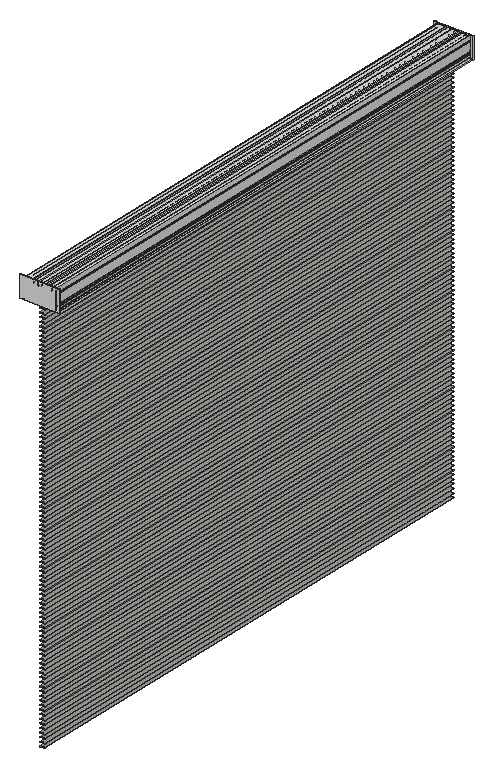
Revit family "BTBC151カーテン・ブラインド（別途）", category 一般モデル, Revit 2022
Family settings
  鉄筋をホスト可能 = いいえ
  丸型コネクタ寸法 = 直径を使用
  パーツ タイプ = 標準
  作業面ベース = はい
  常に垂直 = はい
  ロード時にボイドで切り取り = いいえ
  注釈の向きを維持 = いいえ
  共有 = いいえ
  部屋計算ポイント = いいえ
Parameters
  説明 = "㈱ツヅキ ボックストップ"
  製造元 = "㈱ツヅキ"
  色 = アルミニウム 6063S-T5 シルバー(R) (株)ツヅキ BT
  Default Elevation = 1219.2 mm
  ベネシャンブラインド表示/非表示 = yes
  ベネシャンブラインドスラット角度 = 0.00°
  バーチカルブラインド表示/非表示 = no
  カーテン開口率 = 50
  カーテン表示/非表示 = no
  カーテン・ブラインド長さ = L寸法 - 30 mm  # 2470 mm
  ブラインド スラット角度 = 15.00°
  カーテン・ブラインド高さ = 2021.2 mm
  カーテン・ブラインド 色 = ファブリック
  URL = "https://tuzuki.co.jp/cad/boxtop-cad/"
  L寸法 = 2500 mm
Reference planes
  plane 1 "中心(正面/背面)": y = 0
  plane 2: z = 0
  plane 3 "中心(左/右)": x = 0
  plane 4: y = -2500
  plane 5: x = -60
  plane 6: x = 60
  plane 7: y = -2502
  plane 8: y = 2
  plane 9: y = -2450
  plane 10 "カーテン取付レベル": z = 84.8
  plane 11: z = -1936.4
  plane 12: y = -2485
Forms (mm)
  Extrusion 1, solid, material "アルミニウム 6063S-T5 シルバー(R) (株)ツヅキ BT" <- "色"
    sketch origin (0, 0, 0) x (1, 0, 0) y (0, 0, 1)
      loop
        line (-95, 0) -> (95, 0) -> (95, 104.8) -> (-95, 104.8) -> (-95, 0)
    from 0 to -2
  Extrusion 2, solid, material "アルミニウム 6063S-T5 シルバー(R) (株)ツヅキ BT" <- "色"
    sketch origin (0, -1013.199, 0) x (1, 0, 0) y (0, 0, 1)
      loop
        line (-95, 0) -> (95, 0) -> (95, 104.8) -> (-95, 104.8) -> (-95, 0)
    from 1488.801 to 1486.801
  Extrusion 3, solid, material "アルミニウム 6063S-T5 シルバー(R) (株)ツヅキ BT" <- "色"
    sketch origin (0, 0, 0) x (1, 0, 0) y (0, 0, 1)
      loop
        line (-84.8, 77.529) -> (-84.8, 78.7) -> (-81, 78.7) -> (-80.396, 77.836)
        arc (-80.396, 77.836) -> (-78.977, 78.5) -> (-77.575, 77.8) r 1.8
        line (-77.575, 77.8) -> (-76.6, 77.8) -> (-76.6, 75.6) -> (-77.575, 75.6)
        arc (-77.575, 75.6) -> (-78.977, 74.9) -> (-80.396, 75.564) r 1.8
        arc (-80.396, 75.564) -> (-80.774, 75.669) -> (-81, 75.349) r 0.34
        line (-81, 75.349) -> (-81, 74.202)
        arc (-81, 74.202) -> (-79.217, 73.507) -> (-77.357, 73.954) r 3.2
        arc (-77.357, 73.954) -> (-76.853, 73.96) -> (-76.6, 73.525) r 0.5
        line (-76.6, 73.525) -> (-76.6, 26.175)
        arc (-76.6, 26.175) -> (-76.853, 25.74) -> (-77.357, 25.746) r 0.5
        arc (-77.357, 25.746) -> (-78.197, 26.097) -> (-79.101, 26.198) r 3.2
        arc (-79.101, 26.198) -> (-79.459, 26.334) -> (-79.617, 26.682) r 0.5
        line (-79.617, 26.682) -> (-79.815, 33) -> (-81, 33) -> (-81, 24.351)
        arc (-81, 24.351) -> (-80.774, 24.031) -> (-80.396, 24.136) r 0.34
        arc (-80.396, 24.136) -> (-78.977, 24.8) -> (-77.575, 24.1) r 1.8
        line (-77.575, 24.1) -> (-76.6, 24.1) -> (-76.6, 21.9) -> (-77.575, 21.9)
        arc (-77.575, 21.9) -> (-78.977, 21.2) -> (-80.396, 21.864) r 1.8
        arc (-80.396, 21.864) -> (-80.774, 21.969) -> (-81, 21.649) r 0.34
        line (-81, 21.649) -> (-81, 20.502)
        arc (-81, 20.502) -> (-79.115, 19.802) -> (-77.184, 20.365) r 3.2
        arc (-77.184, 20.365) -> (-76.668, 20.396) -> (-76.4, 19.954) r 0.5
        line (-76.4, 19.954) -> (-76.4, 5) -> (-77.5, 5)
        arc (-77.5, 5) -> (-77.887, 4.816) -> (-77.99, 4.4) r 0.5
        arc (-77.99, 4.4) -> (-77.887, 3.984) -> (-77.5, 3.8) r 0.5
        line (-77.5, 3.8) -> (-76.4, 3.8) -> (-76.4, 1.4) -> (-93.7, 1.4) -> (-93.7, 3.8) -> (-92.5, 3.8)
        arc (-92.5, 3.8) -> (-92.113, 3.984) -> (-92.01, 4.4) r 0.5
        arc (-92.01, 4.4) -> (-92.113, 4.816) -> (-92.5, 5) r 0.5
        line (-92.5, 5) -> (-95, 5) -> (-95, 0) -> (-85.214, 0) -> (-75, 0) -> (-75, 20.4) -> (-74.197, 20.4) -> (-72.4, 18.603) -> (-72.4, 15.6) -> (-73.334, 15.6) -> (-71.2, 13.741) -> (-71.2, 19.1) -> (-73.7, 21.6) -> (-75, 21.6) -> (-75, 96.4)
        arc (-75, 96.4) -> (-74.414, 97.814) -> (-73, 98.4) r 2
        line (-73, 98.4) -> (-30, 98.4) -> (-30, 86.4) -> (-24.35, 86.4) -> (-24.35, 87.7) -> (-28.7, 87.7) -> (-28.7, 98.4) -> (-10, 98.4) -> (-10, 87.7) -> (-16.65, 87.7) -> (-16.65, 86.4) -> (-4.35, 86.4) -> (-4.35, 87.7) -> (-8.7, 87.7) -> (-8.7, 98.4) -> (7.7, 98.4) -> (7.7, 87.7) -> (3.35, 87.7) -> (3.35, 86.4) -> (16, 86.4) -> (16, 87.7) -> (9, 87.7) -> (9, 98.4) -> (40, 98.4) -> (40, 87.7) -> (33, 87.7) -> (33, 86.4) -> (45.65, 86.4) -> (45.65, 87.7) -> (41.3, 87.7) -> (41.3, 98.4) -> (57.7, 98.4) -> (57.7, 87.7) -> (53.35, 87.7) -> (53.35, 86.4) -> (59, 86.4) -> (59, 98.4) -> (73, 98.4)
        arc (73, 98.4) -> (74.414, 97.814) -> (75, 96.4) r 2
        line (75, 96.4) -> (75, 21.6) -> (73.7, 21.6) -> (71.2, 19.1) -> (71.2, 13.741) -> (73.334, 15.6) -> (72.4, 15.6) -> (72.4, 18.603) -> (74.197, 20.4) -> (75, 20.4) -> (75, 0) -> (84.801, 0) -> (95, 0) -> (95, 5) -> (92.5, 5)
        arc (92.5, 5) -> (92.113, 4.816) -> (92.01, 4.4) r 0.5
        arc (92.01, 4.4) -> (92.113, 3.984) -> (92.5, 3.8) r 0.5
        line (92.5, 3.8) -> (93.7, 3.8) -> (93.7, 1.4) -> (76.4, 1.4) -> (76.4, 3.8) -> (77.5, 3.8)
        arc (77.5, 3.8) -> (77.887, 3.984) -> (77.99, 4.4) r 0.5
        arc (77.99, 4.4) -> (77.887, 4.816) -> (77.5, 5) r 0.5
        line (77.5, 5) -> (76.4, 5) -> (76.4, 19.954)
        arc (76.4, 19.954) -> (76.668, 20.396) -> (77.184, 20.365) r 0.5
        arc (77.184, 20.365) -> (77.52, 20.163) -> (77.879, 20.003) r 3.2
        line (77.879, 20.003) -> (78.689, 19.7) -> (81, 19.7) -> (81, 21.649)
        arc (81, 21.649) -> (80.774, 21.969) -> (80.396, 21.864) r 0.34
        arc (80.396, 21.864) -> (78.977, 21.2) -> (77.575, 21.9) r 1.8
        line (77.575, 21.9) -> (76.6, 21.9) -> (76.6, 24.1) -> (77.575, 24.1)
        arc (77.575, 24.1) -> (78.977, 24.8) -> (80.396, 24.136) r 1.8
        arc (80.396, 24.136) -> (80.774, 24.031) -> (81, 24.351) r 0.34
        line (81, 24.351) -> (81, 33) -> (79.815, 33) -> (79.617, 26.682)
        arc (79.617, 26.682) -> (79.459, 26.334) -> (79.101, 26.198) r 0.5
        arc (79.101, 26.198) -> (78.197, 26.097) -> (77.357, 25.746) r 3.2
        arc (77.357, 25.746) -> (76.853, 25.74) -> (76.6, 26.175) r 0.5
        line (76.6, 26.175) -> (76.6, 73.525)
        arc (76.6, 73.525) -> (76.853, 73.96) -> (77.357, 73.954) r 0.5
        arc (77.357, 73.954) -> (79.217, 73.507) -> (81, 74.202) r 3.2
        line (81, 74.202) -> (81, 75.349)
        arc (81, 75.349) -> (80.774, 75.669) -> (80.396, 75.564) r 0.34
        arc (80.396, 75.564) -> (78.977, 74.9) -> (77.575, 75.6) r 1.8
        line (77.575, 75.6) -> (76.6, 75.6) -> (76.6, 77.8) -> (77.575, 77.8)
        arc (77.575, 77.8) -> (78.977, 78.5) -> (80.396, 77.836) r 1.8
        arc (80.396, 77.836) -> (80.774, 77.731) -> (81, 78.051) r 0.34
        line (81, 78.051) -> (81, 79.198)
        arc (81, 79.198) -> (79.217, 79.893) -> (77.357, 79.446) r 3.2
        arc (77.357, 79.446) -> (76.853, 79.44) -> (76.6, 79.875) r 0.5
        line (76.6, 79.875) -> (76.6, 98)
        arc (76.6, 98) -> (76.014, 99.414) -> (74.6, 100) r 2
        line (74.6, 100) -> (33, 100) -> (33, 104.8) -> (27, 104.8) -> (27, 103.5) -> (31.7, 103.5) -> (31.7, 100) -> (-31.7, 100) -> (-31.7, 103.5) -> (-27, 103.5) -> (-27, 104.8) -> (-33, 104.8) -> (-33, 100) -> (-74.6, 100)
        arc (-74.6, 100) -> (-76.014, 99.414) -> (-76.6, 98) r 2
        line (-76.6, 98) -> (-76.6, 79.875)
        arc (-76.6, 79.875) -> (-76.853, 79.44) -> (-77.357, 79.446) r 0.5
        arc (-77.357, 79.446) -> (-78.148, 79.784) -> (-79, 79.9) r 3.2
        line (-79, 79.9) -> (-86.4, 79.9)
        arc (-86.4, 79.9) -> (-86.975, 79.472) -> (-86.73, 78.799) r 0.6
        line (-86.73, 78.799) -> (-84.8, 77.529)
    from 0 to 2500
Dimensions and locks
  equal spacing: plane 6, plane 3 "中心(左/右)", plane 5
  plane 6 to plane 5 = 120 mm
  "L寸法": plane 4 to plane 1 "中心(正面/背面)"  (x2)
  locked: plane 4 to plane 7 at 2
  locked: plane 1 "中心(正面/背面)" to plane 8 at 2
  locked: plane 4 to plane 9 at 50
  "カーテン・ブラインド高さ": plane 10 "カーテン取付レベル" to plane 11
  locked: plane 4 to plane 12 at 15
  aligned and locked: level to plane 2
  aligned and locked: Extrusion 2 to plane 4
  aligned and locked: plane 1 "中心(正面/背面)" to Extrusion 1
  aligned and locked: plane 8 to Extrusion 1
  aligned and locked: plane 7 to Extrusion 2
  aligned and locked: nested 1 to plane 3 "中心(左/右)"
  aligned and locked: plane 10 "カーテン取付レベル" to nested 1
  aligned and locked: nested 1 to plane 9
  aligned and locked: plane 12 to nested 2
  aligned and locked: plane 10 "カーテン取付レベル" to nested 2
  aligned and locked: plane 11 to nested 2
  aligned and locked: nested 2 to plane 3 "中心(左/右)"
  aligned and locked: plane 10 "カーテン取付レベル" to nested 3
  aligned and locked: nested 3 to plane 12
  aligned and locked: Extrusion 3 to plane 1 "中心(正面/背面)"
  aligned and locked: plane 4 to Extrusion 3
Automatic sketch dimensions
  Extrusion 1 sketch curve to level = 0 mm
  Extrusion 1 sketch curve to plane 5 = 35 mm
  plane 6 to Extrusion 1 sketch curve = 35 mm
  level to Extrusion 1 sketch curve = 104.8 mm
  Extrusion 2 sketch curve to level = 0 mm
  Extrusion 2 sketch curve to plane 5 = 35 mm
  plane 6 to Extrusion 2 sketch curve = 35 mm
  level to Extrusion 2 sketch curve = 104.8 mm
  Extrusion 3 sketch curve to Extrusion 3 sketch curve = 0 mm  (x41)
  Extrusion 3 sketch curve to level = 0 mm  (x2)
  Extrusion 3 sketch curve to plane 5 = 35 mm
  Extrusion 3 sketch curve to Extrusion 3 sketch curve = 1.3 mm  (x16)
  Extrusion 3 sketch curve to Extrusion 3 sketch curve = 1.2 mm  (x7)
  Extrusion 3 sketch curve to plane 10 "カーテン取付レベル" = 6.001 mm
  Extrusion 3 sketch curve to plane 5 = 26.73 mm
  Extrusion 3 sketch curve to Extrusion 3 sketch curve = 0.33 mm
  Extrusion 3 sketch curve to Extrusion 3 sketch curve = 7.286 mm
  Extrusion 3 sketch curve to Extrusion 3 sketch curve = 1.6 mm  (x6)
  Extrusion 3 sketch curve to Extrusion 3 sketch curve = 11.5 mm
  Extrusion 3 sketch curve to Extrusion 3 sketch curve = 3.8 mm
  Extrusion 3 sketch curve to plane 10 "カーテン取付レベル" = 6.1 mm
  Extrusion 3 sketch curve to Extrusion 3 sketch curve = 0.34 mm  (x7)
  Extrusion 3 sketch curve to plane 10 "カーテン取付レベル" = 6.964 mm
  Extrusion 3 sketch curve to Extrusion 3 sketch curve = 0.604 mm
  Extrusion 3 sketch curve to Extrusion 3 sketch curve = 1.185 mm
  Extrusion 3 sketch curve to Extrusion 3 sketch curve = 1.043 mm
  Extrusion 3 sketch curve to Extrusion 3 sketch curve = 0.5 mm  (x12)
  Extrusion 3 sketch curve to Extrusion 3 sketch curve = 2 mm  (x3)
  Extrusion 3 sketch curve to Extrusion 3 sketch curve = 1.66 mm  (x5)
  Extrusion 3 sketch curve to Extrusion 3 sketch curve = 1.425 mm  (x6)
  Extrusion 3 sketch curve to Extrusion 3 sketch curve = 7.714 mm
  Extrusion 3 sketch curve to Extrusion 3 sketch curve = 2.017 mm  (x2)
  Extrusion 3 sketch curve to Extrusion 3 sketch curve = 0.475 mm
  Extrusion 3 sketch curve to Extrusion 3 sketch curve = 1.9 mm
  Extrusion 3 sketch curve to Extrusion 3 sketch curve = 0.675 mm
  Extrusion 3 sketch curve to Extrusion 3 sketch curve = 0.975 mm  (x6)
  Extrusion 3 sketch curve to plane 5 = 16.6 mm
  Extrusion 3 sketch curve to Extrusion 3 sketch curve = 1.1 mm  (x8)
  Extrusion 3 sketch curve to Extrusion 3 sketch curve = 1.4 mm  (x3)
  Extrusion 3 sketch curve to Extrusion 3 sketch curve = 0.4 mm
  Extrusion 3 sketch curve to Extrusion 3 sketch curve = 0.803 mm  (x2)
  Extrusion 3 sketch curve to Extrusion 3 sketch curve = 0.497 mm  (x4)
  Extrusion 3 sketch curve to Extrusion 3 sketch curve = 0.863 mm
  Extrusion 3 sketch curve to Extrusion 3 sketch curve = 0.934 mm  (x2)
  plane 5 to Extrusion 3 sketch curve = 27 mm
  Extrusion 3 sketch curve to Extrusion 3 sketch curve = 1.7 mm
  Extrusion 3 sketch curve to Extrusion 3 sketch curve = 4.7 mm  (x2)
  plane 10 "カーテン取付レベル" to Extrusion 3 sketch curve = 1.6 mm  (x4)
  Extrusion 3 sketch curve to Extrusion 3 sketch curve = 4.35 mm  (x2)
  Extrusion 3 sketch curve to Extrusion 3 sketch curve = 7.7 mm
  Extrusion 3 sketch curve to plane 3 "中心(左/右)" = 10 mm
  Extrusion 3 sketch curve to plane 3 "中心(左/右)" = 4.35 mm
  plane 3 "中心(左/右)" to Extrusion 3 sketch curve = 3.35 mm
  plane 3 "中心(左/右)" to Extrusion 3 sketch curve = 7.7 mm
  Extrusion 3 sketch curve to Extrusion 3 sketch curve = 7 mm  (x2)
  Extrusion 3 sketch curve to Extrusion 3 sketch curve = 18 mm
  plane 10 "カーテン取付レベル" to Extrusion 3 sketch curve = 2.9 mm  (x4)
  Extrusion 3 sketch curve to plane 6 = 6.65 mm
  Extrusion 3 sketch curve to plane 6 = 2.3 mm
  Extrusion 3 sketch curve to plane 6 = 1 mm
  plane 6 to Extrusion 3 sketch curve = 11.2 mm
  plane 6 to Extrusion 3 sketch curve = 13 mm
  Extrusion 3 sketch curve to Extrusion 3 sketch curve = 0.199 mm
  level to Extrusion 3 sketch curve = 5 mm
  Extrusion 3 sketch curve to Extrusion 3 sketch curve = 15 mm
  level to Extrusion 3 sketch curve = 1.4 mm  (x2)
  Extrusion 3 sketch curve to Extrusion 3 sketch curve = 2.4 mm  (x3)
  Extrusion 3 sketch curve to Extrusion 3 sketch curve = 0.2 mm  (x4)
  Extrusion 3 sketch curve to Extrusion 3 sketch curve = 8.741 mm
  Extrusion 3 sketch curve to Extrusion 3 sketch curve = 1.859 mm  (x2)
  Extrusion 3 sketch curve to Extrusion 3 sketch curve = 3.003 mm  (x2)
  Extrusion 3 sketch curve to Extrusion 3 sketch curve = 4.1 mm
  Extrusion 3 sketch curve to Extrusion 3 sketch curve = 0.254 mm
  Extrusion 3 sketch curve to Extrusion 3 sketch curve = 1.351 mm  (x4)
  Extrusion 3 sketch curve to Extrusion 3 sketch curve = 0.446 mm  (x2)
  Extrusion 3 sketch curve to Extrusion 3 sketch curve = 0.548 mm
  Extrusion 3 sketch curve to Extrusion 3 sketch curve = 1.147 mm  (x4)
  Extrusion 3 sketch curve to Extrusion 3 sketch curve = 1.949 mm
  Extrusion 3 sketch curve to Extrusion 3 sketch curve = 0.3 mm  (x2)
  Extrusion 3 sketch curve to Extrusion 3 sketch curve = 2.2 mm  (x2)
  Extrusion 3 sketch curve to Extrusion 3 sketch curve = 2.075 mm  (x6)
  Extrusion 3 sketch curve to Extrusion 3 sketch curve = 0.937 mm  (x2)
  Extrusion 3 sketch curve to Extrusion 3 sketch curve = 0.016 mm  (x2)
  Extrusion 3 sketch curve to Extrusion 3 sketch curve = 6.318 mm  (x2)
  Extrusion 3 sketch curve to Extrusion 3 sketch curve = 4.311 mm
  Extrusion 3 sketch curve to plane 10 "カーテン取付レベル" = 11.275 mm
  Extrusion 3 sketch curve to Extrusion 3 sketch curve = 3.634 mm
  Extrusion 3 sketch curve to Extrusion 3 sketch curve = 0.677 mm
  Extrusion 3 sketch curve to Extrusion 3 sketch curve = 1.171 mm
  Extrusion 3 sketch curve to Extrusion 3 sketch curve = 0.501 mm
  plane 10 "カーテン取付レベル" to Extrusion 3 sketch curve = 11.6 mm  (x2)
  Extrusion 3 sketch curve to Extrusion 3 sketch curve = 10.7 mm
  Extrusion 3 sketch curve to Extrusion 3 sketch curve = 3.5 mm  (x2)
  Extrusion 3 sketch curve to Extrusion 3 sketch curve = 0.695 mm
  Extrusion 3 sketch curve to Extrusion 3 sketch curve = 0.81 mm
  Extrusion 3 sketch curve to Extrusion 3 sketch curve = 6.811 mm
  Extrusion 3 sketch curve to Extrusion 3 sketch curve = 10.6 mm
  Extrusion 3 sketch curve to Extrusion 3 sketch curve = 0.49 mm  (x2)
Nested families
  nested 1: "バーチカルブラインド（別途）" at (0, -2450, 84.8) x (-1, 0, 0) z (0, 0, -1), type "バーチカルブラインド（別途）"
    with 表示・非表示 no, ブラインド長さ 2470 mm, スラット高さ 2021.2 mm, スラット枚数 25
  nested 2: "カーテン（別途）" at (0, -2485, 84.8) x (0, 1, 0) z (0, 0, 1), type "カーテン（別途）"
    with 開口率 調整 50, 開口率 50, 長さ 2470 mm, カーテン高さ 2021.2 mm, カーテン表示 no, カーテン畳み代 1235 mm, カーテン幅 100 mm
  nested 3: "ベネシャンブラインド（別途）" at (0, -15, 84.8) x (-1, 0, 0) z (0, 0, 1), visible <- "ベネシャンブラインド表示/非表示", type "ベネシャンブラインド（別途）"
    with ブラインド高さ 2021.2 mm, ブラインド長さ 2470 mm, スラット角度 0.00°, スラット枚数 99
Definition of nested family "ベネシャンブラインド（別途）"
  Parameters (values of type "ベネシャンブラインド（別途）")
    スラットピッチ = 20 mm
    表示非表示 = yes
    ブラインド高さ = 2000 mm
    ブラインド長さ = 1200 mm
    スラット角度 = 60.00°
    Default Elevation = 0 mm
    スラット色 = none
    スラット枚数 = (ブラインド高さ - 50 mm) / スラットピッチ  # 98
  Reference planes
    plane 1 "中心(正面/背面)": y = 0
    plane 2: z = 0
    plane 3 "中心(左/右)": x = 0
    plane 4: y = 1200
    plane 5: z = -44.577
    plane 6: z = -64.577
    plane 7: z = -84.577
    plane 8: z = -104.577
    plane 9: z = -124.577
    plane 10: z = -144.577
    plane 11: z = -164.577
    plane 12: z = -184.577
    plane 13: z = -204.577
    plane 14: z = -224.577
    plane 15: z = -244.577
    plane 16: z = -264.577
    plane 17: z = -284.577
    plane 18: z = -304.577
    plane 19: z = -324.577
    plane 20: z = -344.577
    plane 21: z = -364.577
    plane 22: z = -384.577
    plane 23: z = -404.577
    plane 24: z = -424.577
    plane 25: z = -444.577
    plane 26: z = -464.577
    plane 27: z = -484.577
    plane 28: z = -504.577
    plane 29: z = -524.577
    plane 30: z = -544.577
    plane 31: z = -564.577
    plane 32: z = -584.577
    plane 33: z = -604.577
    plane 34: z = -624.577
    plane 35: z = -644.577
    plane 36: z = -664.577
    plane 37: z = -684.577
    plane 38: z = -704.577
    plane 39: z = -724.577
    plane 40: z = -744.577
    plane 41: z = -764.577
    plane 42: z = -784.577
    plane 43: z = -804.577
    plane 44: z = -824.577
    plane 45: z = -844.577
    plane 46: z = -864.577
    plane 47: z = -884.577
    plane 48: z = -904.577
    plane 49: z = -924.577
    plane 50: z = -944.577
    plane 51: z = -964.577
    plane 52: z = -984.577
    plane 53: z = -1004.577
    plane 54: z = -1024.577
    plane 55: z = -1044.577
    plane 56: z = -1064.577
    plane 57: z = -1084.577
    plane 58: z = -1104.577
    plane 59: z = -1124.577
    plane 60: z = -1144.577
    plane 61: z = -1164.577
    plane 62: z = -1184.577
    plane 63: z = -1204.577
    plane 64: z = -1224.577
    plane 65: z = -1244.577
    plane 66: z = -1264.577
    plane 67: z = -1284.577
    plane 68: z = -1304.577
    plane 69: z = -1324.577
    plane 70: z = -1344.577
    plane 71: z = -1364.577
    plane 72: z = -1384.577
    plane 73: z = -1404.577
    plane 74: z = -1424.577
    plane 75: z = -1444.577
    plane 76: z = -1464.577
    plane 77: z = -1484.577
    plane 78: z = -1504.577
    plane 79: z = -1524.577
    plane 80: z = -1544.577
    plane 81: z = -1564.577
    plane 82: z = -1584.577
    plane 83: z = -1604.577
    plane 84: z = -1624.577
    plane 85: z = -1644.577
    plane 86: z = -1664.577
    plane 87: z = -1684.577
    plane 88: z = -1704.577
    plane 89: z = -1724.577
    plane 90: z = -1744.577
    plane 91: z = -1764.577
    plane 92: z = -1784.577
    plane 93: z = -1804.577
    plane 94: z = -1824.577
    plane 95: z = -1844.577
    plane 96: z = -1864.577
    plane 97: z = -1884.577
    plane 98: z = -1904.577
    plane 99: z = -1924.577
    plane 100: z = -1944.577
    plane 101: z = -1964.577
    plane 102: z = -1984.577
  Forms (mm)
    Extrusion 1, solid, material <- "スラット色", visible <- "表示非表示"
      sketch origin (0, 0, 0) x (1, 0, 0) y (0, 0, 1)
        loop
          line (-27, 0) -> (-27, -37) -> (27, -37) -> (27, 0) -> (-27, 0)
      from -1200 to 0
  Dimensions and locks
    equal spacing: group 1, group 2, group 3, group 4, group 5, group 6, group 7, group 8, group 9, group 10, group 11, group 12, group 13, group 14, group 15, group 16, group 17, group 18, group 19, group 20, group 21, group 22, group 23, group 24, group 25, group 26, group 27, group 28, group 29, group 30, group 31, group 32, group 33, group 34, group 35, group 36, group 37, group 38, group 39, group 40, group 41, group 42, group 43, group 44, group 45, group 46, group 47, group 48, group 49, group 50, group 51, group 52, group 53, group 54, group 55, group 56, group 57, group 58, group 59, group 60, group 61, group 62, group 63, group 64, group 65, group 66, group 67, group 68, group 69, group 70, group 71, group 72, group 73, group 74, group 75, group 76, group 77, group 78, group 79, group 80, group 81, group 82, group 83, group 84, group 85, group 86, group 87, group 88, group 89, group 90, group 91, group 92, group 93, group 94, group 95, group 96, group 97, group 98  (x2)
    equal spacing: group 98, group 97, group 96, group 95, group 94, group 93, group 92, group 91, group 90, group 89, group 88, group 87, group 86, group 85, group 84, group 83, group 82, group 81, group 80, group 79, group 78, group 77, group 76, group 75, group 74, group 73, group 72, group 71, group 70, group 69, group 68, group 67, group 66, group 65, group 64, group 63, group 62, group 61, group 60, group 59, group 58, group 57, group 56, group 55, group 54, group 53, group 52, group 51, group 50, group 49, group 48, group 47, group 46, group 45, group 44, group 43, group 42, group 41, group 40, group 39, group 38, group 37, group 36, group 35, group 34, group 33, group 32, group 31, group 30, group 29, group 28, group 27, group 26, group 25, group 24, group 23, group 22, group 21, group 20, group 19, group 18, group 17, group 16, group 15, group 14, group 13, group 12, group 11, group 10, group 9, group 8, group 7, group 6, group 5, group 4, group 3, group 2, group 1
    "ブラインド長さ": plane 1 "中心(正面/背面)" to plane 4
    "スラットピッチ": plane 5 to plane 6
    aligned and locked: level to plane 2
    aligned and locked: nested 1 to plane 4
    aligned and locked: nested 1 to Extrusion 1
    aligned and locked: plane 1 "中心(正面/背面)" to Extrusion 1
    aligned and locked: Extrusion 1 to plane 1 "中心(正面/背面)"
    aligned and locked: Extrusion 1 to plane 4
    aligned and locked: nested 1 to plane 5
    aligned and locked: nested 2 to plane 6
    aligned and locked: nested 3 to plane 7
    aligned and locked: nested 4 to plane 8
    aligned and locked: nested 5 to plane 9
    aligned and locked: nested 6 to plane 10
    aligned and locked: nested 7 to plane 11
    aligned and locked: nested 8 to plane 12
    aligned and locked: nested 9 to plane 13
    aligned and locked: nested 10 to plane 14
    aligned and locked: nested 11 to plane 15
    aligned and locked: nested 12 to plane 16
    aligned and locked: nested 13 to plane 17
    aligned and locked: nested 14 to plane 18
    aligned and locked: nested 15 to plane 19
    aligned and locked: nested 16 to plane 20
    aligned and locked: nested 17 to plane 21
    aligned and locked: nested 18 to plane 22
    aligned and locked: nested 19 to plane 23
    aligned and locked: nested 20 to plane 24
    aligned and locked: nested 21 to plane 25
    aligned and locked: nested 22 to plane 26
    aligned and locked: nested 23 to plane 27
    aligned and locked: nested 24 to plane 28
    aligned and locked: nested 25 to plane 29
    aligned and locked: nested 26 to plane 30
    aligned and locked: nested 27 to plane 31
    aligned and locked: nested 28 to plane 32
    aligned and locked: nested 29 to plane 33
    aligned and locked: nested 30 to plane 34
    aligned and locked: nested 31 to plane 35
    aligned and locked: nested 32 to plane 36
    aligned and locked: nested 33 to plane 37
    aligned and locked: nested 34 to plane 38
    aligned and locked: nested 35 to plane 39
    aligned and locked: nested 36 to plane 40
    aligned and locked: nested 37 to plane 41
    aligned and locked: nested 38 to plane 42
    aligned and locked: nested 39 to plane 43
    aligned and locked: nested 40 to plane 44
    aligned and locked: nested 41 to plane 45
    aligned and locked: nested 42 to plane 46
    aligned and locked: nested 43 to plane 47
    aligned and locked: nested 44 to plane 48
    aligned and locked: nested 45 to plane 49
    aligned and locked: nested 46 to plane 50
    aligned and locked: nested 47 to plane 51
    aligned and locked: nested 48 to plane 52
    aligned and locked: nested 49 to plane 53
    aligned and locked: nested 50 to plane 54
    aligned and locked: nested 51 to plane 55
    aligned and locked: nested 52 to plane 56
    aligned and locked: nested 53 to plane 57
    aligned and locked: nested 54 to plane 58
    aligned and locked: nested 55 to plane 59
    aligned and locked: nested 56 to plane 60
    aligned and locked: nested 57 to plane 61
    aligned and locked: nested 58 to plane 62
    aligned and locked: nested 59 to plane 63
    aligned and locked: nested 60 to plane 64
    aligned and locked: nested 61 to plane 65
    aligned and locked: nested 62 to plane 66
    aligned and locked: nested 63 to plane 67
    aligned and locked: nested 64 to plane 68
    aligned and locked: nested 65 to plane 69
    aligned and locked: nested 66 to plane 70
    aligned and locked: nested 67 to plane 71
    aligned and locked: nested 68 to plane 72
    aligned and locked: nested 69 to plane 73
    aligned and locked: nested 70 to plane 74
    aligned and locked: nested 71 to plane 75
    aligned and locked: nested 72 to plane 76
    aligned and locked: nested 73 to plane 77
    aligned and locked: nested 74 to plane 78
    aligned and locked: nested 75 to plane 79
    aligned and locked: nested 76 to plane 80
    aligned and locked: nested 77 to plane 81
    aligned and locked: nested 78 to plane 82
    aligned and locked: nested 79 to plane 83
    aligned and locked: nested 80 to plane 84
    aligned and locked: nested 81 to plane 85
    aligned and locked: nested 82 to plane 86
    aligned and locked: nested 83 to plane 87
    aligned and locked: nested 84 to plane 88
    aligned and locked: nested 85 to plane 89
    aligned and locked: nested 86 to plane 90
    aligned and locked: nested 87 to plane 91
    aligned and locked: nested 88 to plane 92
    aligned and locked: nested 89 to plane 93
    aligned and locked: nested 90 to plane 94
    aligned and locked: nested 91 to plane 95
    aligned and locked: nested 92 to plane 96
    aligned and locked: nested 93 to plane 97
    aligned and locked: nested 94 to plane 98
    aligned and locked: nested 95 to plane 99
    aligned and locked: nested 96 to plane 100
    aligned and locked: nested 97 to plane 101
    aligned and locked: nested 98 to plane 102
  Automatic sketch dimensions
    Extrusion 1 sketch curve to level = 0 mm
    Extrusion 1 sketch curve to plane 3 "中心(左/右)" = 27 mm
    plane 3 "中心(左/右)" to Extrusion 1 sketch curve = 27 mm
    Extrusion 1 sketch curve to level = 37 mm
  Nested families
    nested 1: "スラットB" at (0, 0, -55.414), visible <- "表示非表示", type "スラットB"
      with 角度 60.00°, スラット長さ 1200 mm
    nested 2: "スラットB" at (0, 0, -75.414), visible <- "表示非表示", type "スラットB"
      with 角度 60.00°, スラット長さ 1200 mm
    nested 3: "スラットB" at (0, 0, -95.414), visible <- "表示非表示", type "スラットB"
      with 角度 60.00°, スラット長さ 1200 mm
    nested 4: "スラットB" at (0, 0, -115.414), visible <- "表示非表示", type "スラットB"
      with 角度 60.00°, スラット長さ 1200 mm
    nested 5: "スラットB" at (0, 0, -135.414), visible <- "表示非表示", type "スラットB"
      with 角度 60.00°, スラット長さ 1200 mm
    nested 6: "スラットB" at (0, 0, -155.414), visible <- "表示非表示", type "スラットB"
      with 角度 60.00°, スラット長さ 1200 mm
    nested 7: "スラットB" at (0, 0, -175.414), visible <- "表示非表示", type "スラットB"
      with 角度 60.00°, スラット長さ 1200 mm
    nested 8: "スラットB" at (0, 0, -195.414), visible <- "表示非表示", type "スラットB"
      with 角度 60.00°, スラット長さ 1200 mm
    nested 9: "スラットB" at (0, 0, -215.414), visible <- "表示非表示", type "スラットB"
      with 角度 60.00°, スラット長さ 1200 mm
    nested 10: "スラットB" at (0, 0, -235.414), visible <- "表示非表示", type "スラットB"
      with 角度 60.00°, スラット長さ 1200 mm
    nested 11: "スラットB" at (0, 0, -255.414), visible <- "表示非表示", type "スラットB"
      with 角度 60.00°, スラット長さ 1200 mm
    nested 12: "スラットB" at (0, 0, -275.414), visible <- "表示非表示", type "スラットB"
      with 角度 60.00°, スラット長さ 1200 mm
    nested 13: "スラットB" at (0, 0, -295.414), visible <- "表示非表示", type "スラットB"
      with 角度 60.00°, スラット長さ 1200 mm
    nested 14: "スラットB" at (0, 0, -315.414), visible <- "表示非表示", type "スラットB"
      with 角度 60.00°, スラット長さ 1200 mm
    nested 15: "スラットB" at (0, 0, -335.414), visible <- "表示非表示", type "スラットB"
      with 角度 60.00°, スラット長さ 1200 mm
    nested 16: "スラットB" at (0, 0, -355.414), visible <- "表示非表示", type "スラットB"
      with 角度 60.00°, スラット長さ 1200 mm
    nested 17: "スラットB" at (0, 0, -375.414), visible <- "表示非表示", type "スラットB"
      with 角度 60.00°, スラット長さ 1200 mm
    nested 18: "スラットB" at (0, 0, -395.414), visible <- "表示非表示", type "スラットB"
      with 角度 60.00°, スラット長さ 1200 mm
    nested 19: "スラットB" at (0, 0, -415.414), visible <- "表示非表示", type "スラットB"
      with 角度 60.00°, スラット長さ 1200 mm
    nested 20: "スラットB" at (0, 0, -435.414), visible <- "表示非表示", type "スラットB"
      with 角度 60.00°, スラット長さ 1200 mm
    nested 21: "スラットB" at (0, 0, -455.414), visible <- "表示非表示", type "スラットB"
      with 角度 60.00°, スラット長さ 1200 mm
    nested 22: "スラットB" at (0, 0, -475.414), visible <- "表示非表示", type "スラットB"
      with 角度 60.00°, スラット長さ 1200 mm
    nested 23: "スラットB" at (0, 0, -495.414), visible <- "表示非表示", type "スラットB"
      with 角度 60.00°, スラット長さ 1200 mm
    nested 24: "スラットB" at (0, 0, -515.414), visible <- "表示非表示", type "スラットB"
      with 角度 60.00°, スラット長さ 1200 mm
    nested 25: "スラットB" at (0, 0, -535.414), visible <- "表示非表示", type "スラットB"
      with 角度 60.00°, スラット長さ 1200 mm
    nested 26: "スラットB" at (0, 0, -555.414), visible <- "表示非表示", type "スラットB"
      with 角度 60.00°, スラット長さ 1200 mm
    nested 27: "スラットB" at (0, 0, -575.414), visible <- "表示非表示", type "スラットB"
      with 角度 60.00°, スラット長さ 1200 mm
    nested 28: "スラットB" at (0, 0, -595.414), visible <- "表示非表示", type "スラットB"
      with 角度 60.00°, スラット長さ 1200 mm
    nested 29: "スラットB" at (0, 0, -615.414), visible <- "表示非表示", type "スラットB"
      with 角度 60.00°, スラット長さ 1200 mm
    nested 30: "スラットB" at (0, 0, -635.414), visible <- "表示非表示", type "スラットB"
      with 角度 60.00°, スラット長さ 1200 mm
    nested 31: "スラットB" at (0, 0, -655.414), visible <- "表示非表示", type "スラットB"
      with 角度 60.00°, スラット長さ 1200 mm
    nested 32: "スラットB" at (0, 0, -675.414), visible <- "表示非表示", type "スラットB"
      with 角度 60.00°, スラット長さ 1200 mm
    nested 33: "スラットB" at (0, 0, -695.414), visible <- "表示非表示", type "スラットB"
      with 角度 60.00°, スラット長さ 1200 mm
    nested 34: "スラットB" at (0, 0, -715.414), visible <- "表示非表示", type "スラットB"
      with 角度 60.00°, スラット長さ 1200 mm
    nested 35: "スラットB" at (0, 0, -735.414), visible <- "表示非表示", type "スラットB"
      with 角度 60.00°, スラット長さ 1200 mm
    nested 36: "スラットB" at (0, 0, -755.414), visible <- "表示非表示", type "スラットB"
      with 角度 60.00°, スラット長さ 1200 mm
    nested 37: "スラットB" at (0, 0, -775.414), visible <- "表示非表示", type "スラットB"
      with 角度 60.00°, スラット長さ 1200 mm
    nested 38: "スラットB" at (0, 0, -795.414), visible <- "表示非表示", type "スラットB"
      with 角度 60.00°, スラット長さ 1200 mm
    nested 39: "スラットB" at (0, 0, -815.414), visible <- "表示非表示", type "スラットB"
      with 角度 60.00°, スラット長さ 1200 mm
    nested 40: "スラットB" at (0, 0, -835.414), visible <- "表示非表示", type "スラットB"
      with 角度 60.00°, スラット長さ 1200 mm
    nested 41: "スラットB" at (0, 0, -855.414), visible <- "表示非表示", type "スラットB"
      with 角度 60.00°, スラット長さ 1200 mm
    nested 42: "スラットB" at (0, 0, -875.414), visible <- "表示非表示", type "スラットB"
      with 角度 60.00°, スラット長さ 1200 mm
    nested 43: "スラットB" at (0, 0, -895.414), visible <- "表示非表示", type "スラットB"
      with 角度 60.00°, スラット長さ 1200 mm
    nested 44: "スラットB" at (0, 0, -915.414), visible <- "表示非表示", type "スラットB"
      with 角度 60.00°, スラット長さ 1200 mm
    nested 45: "スラットB" at (0, 0, -935.414), visible <- "表示非表示", type "スラットB"
      with 角度 60.00°, スラット長さ 1200 mm
    nested 46: "スラットB" at (0, 0, -955.414), visible <- "表示非表示", type "スラットB"
      with 角度 60.00°, スラット長さ 1200 mm
    nested 47: "スラットB" at (0, 0, -975.414), visible <- "表示非表示", type "スラットB"
      with 角度 60.00°, スラット長さ 1200 mm
    nested 48: "スラットB" at (0, 0, -995.414), visible <- "表示非表示", type "スラットB"
      with 角度 60.00°, スラット長さ 1200 mm
    nested 49: "スラットB" at (0, 0, -1015.414), visible <- "表示非表示", type "スラットB"
      with 角度 60.00°, スラット長さ 1200 mm
    nested 50: "スラットB" at (0, 0, -1035.414), visible <- "表示非表示", type "スラットB"
      with 角度 60.00°, スラット長さ 1200 mm
    nested 51: "スラットB" at (0, 0, -1055.414), visible <- "表示非表示", type "スラットB"
      with 角度 60.00°, スラット長さ 1200 mm
    nested 52: "スラットB" at (0, 0, -1075.414), visible <- "表示非表示", type "スラットB"
      with 角度 60.00°, スラット長さ 1200 mm
    nested 53: "スラットB" at (0, 0, -1095.414), visible <- "表示非表示", type "スラットB"
      with 角度 60.00°, スラット長さ 1200 mm
    nested 54: "スラットB" at (0, 0, -1115.414), visible <- "表示非表示", type "スラットB"
      with 角度 60.00°, スラット長さ 1200 mm
    nested 55: "スラットB" at (0, 0, -1135.414), visible <- "表示非表示", type "スラットB"
      with 角度 60.00°, スラット長さ 1200 mm
    nested 56: "スラットB" at (0, 0, -1155.414), visible <- "表示非表示", type "スラットB"
      with 角度 60.00°, スラット長さ 1200 mm
    nested 57: "スラットB" at (0, 0, -1175.414), visible <- "表示非表示", type "スラットB"
      with 角度 60.00°, スラット長さ 1200 mm
    nested 58: "スラットB" at (0, 0, -1195.414), visible <- "表示非表示", type "スラットB"
      with 角度 60.00°, スラット長さ 1200 mm
    nested 59: "スラットB" at (0, 0, -1215.414), visible <- "表示非表示", type "スラットB"
      with 角度 60.00°, スラット長さ 1200 mm
    nested 60: "スラットB" at (0, 0, -1235.414), visible <- "表示非表示", type "スラットB"
      with 角度 60.00°, スラット長さ 1200 mm
    nested 61: "スラットB" at (0, 0, -1255.414), visible <- "表示非表示", type "スラットB"
      with 角度 60.00°, スラット長さ 1200 mm
    nested 62: "スラットB" at (0, 0, -1275.414), visible <- "表示非表示", type "スラットB"
      with 角度 60.00°, スラット長さ 1200 mm
    nested 63: "スラットB" at (0, 0, -1295.414), visible <- "表示非表示", type "スラットB"
      with 角度 60.00°, スラット長さ 1200 mm
    nested 64: "スラットB" at (0, 0, -1315.414), visible <- "表示非表示", type "スラットB"
      with 角度 60.00°, スラット長さ 1200 mm
    nested 65: "スラットB" at (0, 0, -1335.414), visible <- "表示非表示", type "スラットB"
      with 角度 60.00°, スラット長さ 1200 mm
    nested 66: "スラットB" at (0, 0, -1355.414), visible <- "表示非表示", type "スラットB"
      with 角度 60.00°, スラット長さ 1200 mm
    nested 67: "スラットB" at (0, 0, -1375.414), visible <- "表示非表示", type "スラットB"
      with 角度 60.00°, スラット長さ 1200 mm
    nested 68: "スラットB" at (0, 0, -1395.414), visible <- "表示非表示", type "スラットB"
      with 角度 60.00°, スラット長さ 1200 mm
    nested 69: "スラットB" at (0, 0, -1415.414), visible <- "表示非表示", type "スラットB"
      with 角度 60.00°, スラット長さ 1200 mm
    nested 70: "スラットB" at (0, 0, -1435.414), visible <- "表示非表示", type "スラットB"
      with 角度 60.00°, スラット長さ 1200 mm
    nested 71: "スラットB" at (0, 0, -1455.414), visible <- "表示非表示", type "スラットB"
      with 角度 60.00°, スラット長さ 1200 mm
    nested 72: "スラットB" at (0, 0, -1475.414), visible <- "表示非表示", type "スラットB"
      with 角度 60.00°, スラット長さ 1200 mm
    nested 73: "スラットB" at (0, 0, -1495.414), visible <- "表示非表示", type "スラットB"
      with 角度 60.00°, スラット長さ 1200 mm
    nested 74: "スラットB" at (0, 0, -1515.414), visible <- "表示非表示", type "スラットB"
      with 角度 60.00°, スラット長さ 1200 mm
    nested 75: "スラットB" at (0, 0, -1535.414), visible <- "表示非表示", type "スラットB"
      with 角度 60.00°, スラット長さ 1200 mm
    nested 76: "スラットB" at (0, 0, -1555.414), visible <- "表示非表示", type "スラットB"
      with 角度 60.00°, スラット長さ 1200 mm
    nested 77: "スラットB" at (0, 0, -1575.414), visible <- "表示非表示", type "スラットB"
      with 角度 60.00°, スラット長さ 1200 mm
    nested 78: "スラットB" at (0, 0, -1595.414), visible <- "表示非表示", type "スラットB"
      with 角度 60.00°, スラット長さ 1200 mm
    nested 79: "スラットB" at (0, 0, -1615.414), visible <- "表示非表示", type "スラットB"
      with 角度 60.00°, スラット長さ 1200 mm
    nested 80: "スラットB" at (0, 0, -1635.414), visible <- "表示非表示", type "スラットB"
      with 角度 60.00°, スラット長さ 1200 mm
    nested 81: "スラットB" at (0, 0, -1655.414), visible <- "表示非表示", type "スラットB"
      with 角度 60.00°, スラット長さ 1200 mm
    nested 82: "スラットB" at (0, 0, -1675.414), visible <- "表示非表示", type "スラットB"
      with 角度 60.00°, スラット長さ 1200 mm
    nested 83: "スラットB" at (0, 0, -1695.414), visible <- "表示非表示", type "スラットB"
      with 角度 60.00°, スラット長さ 1200 mm
    nested 84: "スラットB" at (0, 0, -1715.414), visible <- "表示非表示", type "スラットB"
      with 角度 60.00°, スラット長さ 1200 mm
    nested 85: "スラットB" at (0, 0, -1735.414), visible <- "表示非表示", type "スラットB"
      with 角度 60.00°, スラット長さ 1200 mm
    nested 86: "スラットB" at (0, 0, -1755.414), visible <- "表示非表示", type "スラットB"
      with 角度 60.00°, スラット長さ 1200 mm
    nested 87: "スラットB" at (0, 0, -1775.414), visible <- "表示非表示", type "スラットB"
      with 角度 60.00°, スラット長さ 1200 mm
    nested 88: "スラットB" at (0, 0, -1795.414), visible <- "表示非表示", type "スラットB"
      with 角度 60.00°, スラット長さ 1200 mm
    nested 89: "スラットB" at (0, 0, -1815.414), visible <- "表示非表示", type "スラットB"
      with 角度 60.00°, スラット長さ 1200 mm
    nested 90: "スラットB" at (0, 0, -1835.414), visible <- "表示非表示", type "スラットB"
      with 角度 60.00°, スラット長さ 1200 mm
    nested 91: "スラットB" at (0, 0, -1855.414), visible <- "表示非表示", type "スラットB"
      with 角度 60.00°, スラット長さ 1200 mm
    nested 92: "スラットB" at (0, 0, -1875.414), visible <- "表示非表示", type "スラットB"
      with 角度 60.00°, スラット長さ 1200 mm
    nested 93: "スラットB" at (0, 0, -1895.414), visible <- "表示非表示", type "スラットB"
      with 角度 60.00°, スラット長さ 1200 mm
    nested 94: "スラットB" at (0, 0, -1915.414), visible <- "表示非表示", type "スラットB"
      with 角度 60.00°, スラット長さ 1200 mm
    nested 95: "スラットB" at (0, 0, -1935.414), visible <- "表示非表示", type "スラットB"
      with 角度 60.00°, スラット長さ 1200 mm
    nested 96: "スラットB" at (0, 0, -1955.414), visible <- "表示非表示", type "スラットB"
      with 角度 60.00°, スラット長さ 1200 mm
    nested 97: "スラットB" at (0, 0, -1975.414), visible <- "表示非表示", type "スラットB"
      with 角度 60.00°, スラット長さ 1200 mm
    nested 98: "スラットB" at (0, 0, -1995.414), visible <- "表示非表示", type "スラットB"
      with 角度 60.00°, スラット長さ 1200 mm
  Definition of nested family "スラットB"
    Parameters (values of type "スラットB")
      角度 = 30.00°
      Default Elevation = 0 mm
      スラット長さ = 1100 mm
      スラット色 = none
    Reference planes
      plane 1 "中心(正面/背面)": y = 0
      plane 2: z = 0
      plane 3 "中心(左/右)": x = 0
      plane 4: y = 1100
    Forms (mm)
      Extrusion 1, solid, material <- "スラット色"
        sketch origin (0, 0, 0) x (0.866025, 0, 0.5) y (-0.5, 0, 0.866025)
          loop
            arc (-12.244, -0.735) -> (0, 1.28) -> (12.244, -0.735) r 38.2
            line (12.244, -0.735) -> (12.5, 0.023)
            arc (12.5, 0.023) -> (0, 2.08) -> (-12.5, 0.023) r 39
            line (-12.5, 0.023) -> (-12.244, -0.735)
        from 0 to -1100
    Lines and regions (mm)
      reference lines
        curve 1: line (0, 0, 0) -> (84.675, 0, 48.887)
    Dimensions and locks
      "スラット長さ": plane 1 "中心(正面/背面)" to plane 4
      "角度": angle plane 2 to curve 1
      aligned and locked: level to plane 2
      aligned and locked: plane 3 "中心(左/右)" to curve 1
      aligned and locked: Extrusion 1 to plane 4
    Automatic sketch dimensions
      Extrusion 1 sketch curve to Extrusion 1 sketch curve = 0 mm  (x4)
      Extrusion 1 sketch curve to Extrusion 1 sketch curve = 0.256 mm  (x2)
      curve 1 to level = 0 mm
      Extrusion 1 sketch curve to Extrusion 1 sketch curve = 12.244 mm
      Extrusion 1 sketch curve to Extrusion 1 sketch curve = 24.487 mm
      Extrusion 1 sketch curve to Extrusion 1 sketch curve = 36.185 mm
      Extrusion 1 sketch curve to Extrusion 1 sketch curve = 0.758 mm
      curve 1 to Extrusion 1 sketch curve = 0 mm
      Extrusion 1 sketch curve to curve 1 = 36.92 mm
Definition of nested family "カーテン（別途）"
  Parameters (values of type "カーテン（別途）")
    開口率 調整 = if(開口率 < 10, 10, if(開口率 > 100, 100, 開口率))  # 100
    開口率 = 100
    長さ = 4000 mm
    Default Elevation = 0 mm
    カーテン高さ = 2000 mm
    カーテン表示 = yes
    カーテン色 = none
    カーテン畳み代 = (開口率 調整 / 100) * (長さ)  # 4000 mm
    カーテン幅 = 150 mm
  Reference planes
    plane 1 "中心(正面/背面)": y = 0
    plane 2: z = 0
    plane 3 "中心(左/右)": x = 0
    plane 4: y = 70
    plane 5: y = -70
    plane 6: y = 75
    plane 7: y = -75
    plane 8: x = 200
    plane 9: x = 400
    plane 10: x = 4000
    plane 11: x = 600
    plane 12: x = 800
    plane 13: x = 1000
    plane 14: x = 1200
    plane 15: x = 1400
    plane 16: x = 1600
    plane 17: x = 1800
    plane 18: x = 2000
    plane 19: x = 2200
    plane 20: x = 2400
    plane 21: x = 2600
    plane 22: x = 2800
    plane 23: x = 3000
    plane 24: x = 3200
    plane 25: x = 3400
    plane 26: x = 3600
    plane 27: x = 3800
    plane 28: x = 4000
    plane 29: z = -2000
  Forms (mm)
    Sweep 1, solid, material <- "カーテン色", visible <- "カーテン表示"
      path origin (0, 0, 0) x (1, 0, 0) y (0, 1, 0)
        loop
          line (0, 75) -> (195.241, -71.533)
          arc (195.241, -71.533) -> (200, -75) -> (204.759, -71.533) r 5
          line (204.759, -71.533) -> (395.263, 71.6)
          arc (395.263, 71.6) -> (400, 75) -> (404.737, 71.6) r 5
          line (404.737, 71.6) -> (595.241, -71.533)
          arc (595.241, -71.533) -> (600, -75) -> (604.759, -71.533) r 5
          line (604.759, -71.533) -> (795.263, 71.6)
          arc (795.263, 71.6) -> (800, 75) -> (804.737, 71.6) r 5
          line (804.737, 71.6) -> (995.241, -71.533)
          arc (995.241, -71.533) -> (1000, -75) -> (1004.759, -71.533) r 5
          line (1004.759, -71.533) -> (1195.263, 71.6)
          arc (1195.263, 71.6) -> (1200, 75) -> (1204.737, 71.6) r 5
          line (1204.737, 71.6) -> (1395.241, -71.533)
          arc (1395.241, -71.533) -> (1400, -75) -> (1404.759, -71.533) r 5
          line (1404.759, -71.533) -> (1595.263, 71.6)
          arc (1595.263, 71.6) -> (1600, 75) -> (1604.737, 71.6) r 5
          line (1604.737, 71.6) -> (1795.241, -71.533)
          arc (1795.241, -71.533) -> (1800, -75) -> (1804.759, -71.533) r 5
          line (1804.759, -71.533) -> (1995.263, 71.6)
          arc (1995.263, 71.6) -> (2000, 75) -> (2004.737, 71.6) r 5
          line (2004.737, 71.6) -> (2195.241, -71.533)
          arc (2195.241, -71.533) -> (2200, -75) -> (2204.759, -71.533) r 5
          line (2204.759, -71.533) -> (2395.263, 71.6)
          arc (2395.263, 71.6) -> (2400, 75) -> (2404.737, 71.6) r 5
          line (2404.737, 71.6) -> (2595.241, -71.533)
          arc (2595.241, -71.533) -> (2600, -75) -> (2604.759, -71.533) r 5
          line (2604.759, -71.533) -> (2795.263, 71.6)
          arc (2795.263, 71.6) -> (2800, 75) -> (2804.737, 71.6) r 5
          line (2804.737, 71.6) -> (2995.241, -71.533)
          arc (2995.241, -71.533) -> (3000, -75) -> (3004.759, -71.533) r 5
          line (3004.759, -71.533) -> (3195.263, 71.6)
          arc (3195.263, 71.6) -> (3200, 75) -> (3204.737, 71.6) r 5
          line (3204.737, 71.6) -> (3395.241, -71.533)
          arc (3395.241, -71.533) -> (3400, -75) -> (3404.759, -71.533) r 5
          line (3404.759, -71.533) -> (3595.263, 71.6)
          arc (3595.263, 71.6) -> (3600, 75) -> (3604.737, 71.6) r 5
          line (3604.737, 71.6) -> (3795.241, -71.533)
          arc (3795.241, -71.533) -> (3800, -75) -> (3804.759, -71.533) r 5
          line (3804.759, -71.533) -> (4000, 75)
      profile origin (97.62, 1.733, 0) x (0.600269, 0.799799, 0) y (0, 0, 1)
        loop
          line (2, 0) -> (-1, 0) -> (-1, -2000) -> (2, -2000) -> (2, 0)
  Lines and regions (mm)
    reference lines
      curve 1: circle (200, -70, 0) r 5 normal (0, 0, 1)
      curve 2: circle (400, 70, 0) r 5 normal (0, 0, 1)
      curve 3: circle (600, -70, 0) r 5 normal (0, 0, 1)
      curve 4: circle (800, 70, 0) r 5 normal (0, 0, 1)
      curve 5: circle (1000, -70, 0) r 5 normal (0, 0, 1)
      curve 6: circle (1200, 70, 0) r 5 normal (0, 0, 1)
      curve 7: circle (1400, -70, 0) r 5 normal (0, 0, 1)
      curve 8: circle (1600, 70, 0) r 5 normal (0, 0, 1)
      curve 9: circle (1800, -70, 0) r 5 normal (0, 0, 1)
      curve 10: circle (2000, 70, 0) r 5 normal (0, 0, 1)
      curve 11: circle (2200, -70, 0) r 5 normal (0, 0, 1)
      curve 12: circle (2400, 70, 0) r 5 normal (0, 0, 1)
      curve 13: circle (2600, -70, 0) r 5 normal (0, 0, 1)
      curve 14: circle (2800, 70, 0) r 5 normal (0, 0, 1)
      curve 15: circle (3000, -70, 0) r 5 normal (0, 0, 1)
      curve 16: circle (3200, 70, 0) r 5 normal (0, 0, 1)
      curve 17: circle (3400, -70, 0) r 5 normal (0, 0, 1)
      curve 18: circle (3600, 70, 0) r 5 normal (0, 0, 1)
      curve 19: circle (3800, -70, 0) r 5 normal (0, 0, 1)
      curve 20: circle (4000, 70, 0) r 5 normal (0, 0, 1)
  Dimensions and locks
    equal spacing: plane 6, plane 1 "中心(正面/背面)", plane 7
    "カーテン幅": plane 6 to plane 7
    locked: plane 6 to plane 4 at 5
    locked: plane 5 to plane 7 at 5
    "長さ": plane 3 "中心(左/右)" to plane 10
    equal spacing: plane 3 "中心(左/右)", plane 8, plane 9, plane 11, plane 12, plane 13, plane 14, plane 15, plane 16, plane 17, plane 18, plane 19, plane 20, plane 21, plane 22, plane 23, plane 24, plane 25, plane 26, plane 27, plane 28
    "カーテン畳み代": plane 3 "中心(左/右)" to plane 28
    "カーテン高さ": level to plane 29
    aligned and locked: level to plane 2
    aligned and locked: plane 3 "中心(左/右)" to Sweep 1 sketch curve
    aligned and locked: plane 6 to Sweep 1 sketch curve
    aligned and locked: Sweep 1 sketch curve to plane 29
  Automatic sketch dimensions
    curve 1 to plane 5 = 0 mm
    curve 1 to plane 8 = 0 mm
    curve 2 to plane 4 = 0 mm
    curve 2 to plane 9 = 0 mm
    curve 3 to plane 5 = 0 mm
    curve 3 to plane 11 = 0 mm
    curve 4 to plane 4 = 0 mm
    curve 4 to plane 12 = 0 mm
    curve 5 to plane 5 = 0 mm
    curve 5 to plane 13 = 0 mm
    curve 6 to plane 4 = 0 mm
    curve 6 to plane 14 = 0 mm
    curve 7 to plane 5 = 0 mm
    curve 7 to plane 15 = 0 mm
    curve 8 to plane 4 = 0 mm
    curve 8 to plane 16 = 0 mm
    curve 9 to plane 5 = 0 mm
    curve 9 to plane 17 = 0 mm
    curve 10 to plane 4 = 0 mm
    curve 10 to plane 18 = 0 mm
    curve 11 to plane 5 = 0 mm
    curve 11 to plane 19 = 0 mm
    curve 12 to plane 4 = 0 mm
    curve 12 to plane 20 = 0 mm
    curve 13 to plane 5 = 0 mm
    curve 13 to plane 21 = 0 mm
    curve 14 to plane 4 = 0 mm
    curve 14 to plane 22 = 0 mm
    curve 15 to plane 5 = 0 mm
    curve 15 to plane 23 = 0 mm
    curve 16 to plane 4 = 0 mm
    curve 16 to plane 24 = 0 mm
    curve 17 to plane 5 = 0 mm
    curve 17 to plane 25 = 0 mm
    curve 18 to plane 4 = 0 mm
    curve 18 to plane 26 = 0 mm
    curve 19 to plane 5 = 0 mm
    curve 19 to plane 27 = 0 mm
    curve 20 to plane 4 = 0 mm
    curve 20 to plane 28 = 0 mm
    Sweep 1 sketch curve to plane 5 = 0 mm  (x10)
    Sweep 1 sketch curve to plane 8 = 0 mm
    Sweep 1 sketch curve to plane 4 = 0 mm  (x9)
    Sweep 1 sketch curve to plane 9 = 0 mm
    Sweep 1 sketch curve to plane 11 = 0 mm
    Sweep 1 sketch curve to plane 12 = 0 mm
    Sweep 1 sketch curve to plane 13 = 0 mm
    Sweep 1 sketch curve to plane 14 = 0 mm
    Sweep 1 sketch curve to plane 15 = 0 mm
    Sweep 1 sketch curve to plane 16 = 0 mm
    Sweep 1 sketch curve to plane 17 = 0 mm
    Sweep 1 sketch curve to plane 18 = 0 mm
    Sweep 1 sketch curve to plane 19 = 0 mm
    Sweep 1 sketch curve to plane 20 = 0 mm
    Sweep 1 sketch curve to plane 21 = 0 mm
    Sweep 1 sketch curve to plane 22 = 0 mm
    Sweep 1 sketch curve to plane 23 = 0 mm
    Sweep 1 sketch curve to plane 24 = 0 mm
    Sweep 1 sketch curve to plane 25 = 0 mm
    Sweep 1 sketch curve to plane 26 = 0 mm
    Sweep 1 sketch curve to plane 27 = 0 mm
    Sweep 1 sketch curve to plane 28 = 0 mm
    Sweep 1 sketch curve to plane 6 = 0 mm
    Sweep 1 sketch curve to plane 5 = 1.533 mm  (x20)
    Sweep 1 sketch curve to plane 8 = 4.759 mm
    plane 4 to Sweep 1 sketch curve = 1.6 mm  (x18)
    Sweep 1 sketch curve to plane 9 = 4.737 mm
    Sweep 1 sketch curve to plane 11 = 4.759 mm
    Sweep 1 sketch curve to plane 12 = 4.737 mm
    Sweep 1 sketch curve to plane 13 = 4.759 mm
    Sweep 1 sketch curve to plane 14 = 4.737 mm
    Sweep 1 sketch curve to plane 15 = 4.759 mm
    Sweep 1 sketch curve to plane 16 = 4.737 mm
    Sweep 1 sketch curve to plane 17 = 4.759 mm
    Sweep 1 sketch curve to plane 18 = 4.737 mm
    Sweep 1 sketch curve to plane 19 = 4.759 mm
    Sweep 1 sketch curve to plane 20 = 4.737 mm
    Sweep 1 sketch curve to plane 21 = 4.759 mm
    Sweep 1 sketch curve to plane 22 = 4.737 mm
    Sweep 1 sketch curve to plane 23 = 4.759 mm
    Sweep 1 sketch curve to plane 24 = 4.737 mm
    Sweep 1 sketch curve to plane 25 = 4.759 mm
    Sweep 1 sketch curve to plane 26 = 4.737 mm
    Sweep 1 sketch curve to plane 27 = 4.759 mm
    Sweep 1 sketch curve to level = 0 mm
    profile plane to Sweep 1 sketch curve = 1 mm
    Sweep 1 sketch curve to profile plane = 2 mm
    radius of curve 1 = 5 mm
    radius of curve 2 = 5 mm
    radius of curve 3 = 5 mm
    radius of curve 4 = 5 mm
    radius of curve 5 = 5 mm
    radius of curve 6 = 5 mm
    radius of curve 7 = 5 mm
    radius of curve 8 = 5 mm
    radius of curve 9 = 5 mm
    radius of curve 10 = 5 mm
    radius of curve 11 = 5 mm
    radius of curve 12 = 5 mm
    radius of curve 13 = 5 mm
    radius of curve 14 = 5 mm
    radius of curve 15 = 5 mm
    radius of curve 16 = 5 mm
    radius of curve 17 = 5 mm
    radius of curve 18 = 5 mm
    radius of curve 19 = 5 mm
    radius of curve 20 = 5 mm
